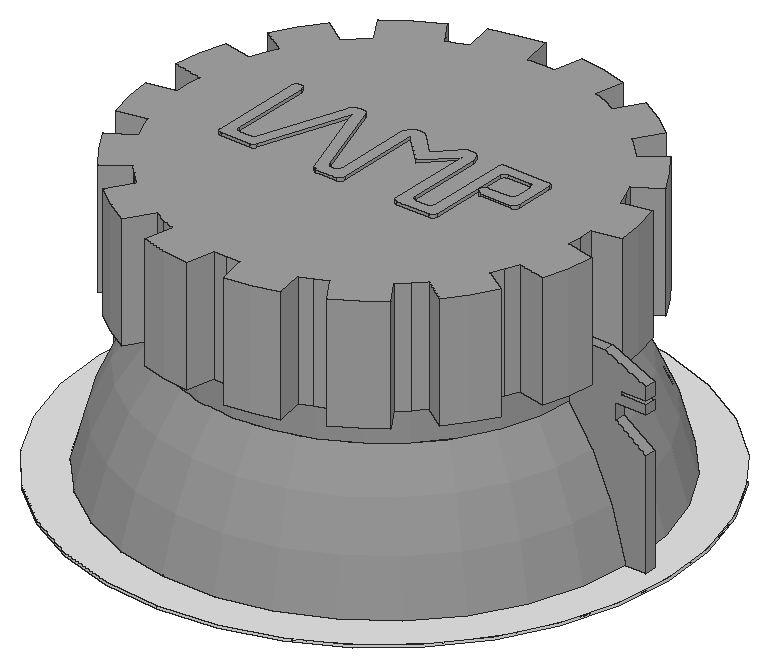
Revit family "LAMP_KOMBIC 200 RD DALI", category Luminarias, Revit 2018
Family settings
  Anfitrión = Techo
  Cota de conector redondo = Diámetro de uso
  Tipo de pieza = Normal
  Número OmniClass = 23.80.70.11
  Título OmniClass = Luminaries for Internal Lighting
  Siempre vertical = Sí
  Corte con vacíos al cargar = No
  Origen de luz = Sí
  Compartido = No
  Punto de cálculo de habitación = No
Parameters (values of type "1982LM 3000 MATT BLANCO")
  Ángulo de inclinación = 90.00°
  Without accessory [instance] = yes
  Weight = 0.976 kg
  Wattage = 18.1 W
  Type = "COB TRIDONIC"
  Transparent glass 860614X [instance] = and(Change accessory, not(Without accessory))  # no
  Recessed diameter = 209 mm
  built-in parameter 1150110 = 1 (stored number, unit not read)
  Protection rating = "IP2044"
  Product datasheet = "http://www.lamp.es/product-files/TECH/K31RD3040OP830DMW-EN.pdf"
  Product code = "K31RD3040OP830DMW"
  Product URL = "https://www.lamp.es/en/family/kombic-downlight_33313"
  Power Supply = "220-240V 50/60Hz"
  Power = 17 W
  Plum = 18.1 W
  Photobiological risk = "Group 0"
  Modelo = Product code  # "K31RD3040OP830DMW"
  Model explanation = "Availability of switching between accessories through visibility parameters when placed in a project."
  Material Reflector = LAMP_PC Reflector Kombic Metalizado Mate
  Material Disipador = LAMP_Aluminio Disipador Kombic
  Material Difusor = LAMP_PMMA Difusor Kombic
  Material Armazón GR = LAMP_PC Armazón Kombic GR
  Material Armazón BL = LAMP_PC Armazón Kombic BL
  Manufacturer name = "LAMP"
  Manufacturer country = "Spain"
  Manufacturer URL = "http://www.lamp.es/en"
  MacAdam = "3"
  Lámpara = "COB LED"
  Luminaire type = ""
  Last update = "22/02/2022"
  LED Lifetime = "50.000 L80 B10"
  Insulation class = "II"
  Installation instructions = "https://www.lamp.es/product-files/packed/INS/33315_Kombic_200.zip"
  IEE = "A+"
  Height = Altura exterior  # 106 mm
  Gear = "Electronic"
  Finish = "RAL9010"
  built-in parameter 1114217 = 1 (stored number, unit not read)
  built-in parameter 1150109 = 1 (stored number, unit not read)
  Fabricante = Manufacturer name  # "LAMP"
  Efficacy = 109.5 lm/W
  Diameter = 220 mm
  Diam. inferior interior = 188 mm
  Diam. exterior cuerpo = 167 mm
  Diam. inferior cuerpo = 220 mm
  Descripción = "KOMBIC 200 RD 3000 IP44 WW OPAL MA/WH"
  Decorative ring 920021X [instance] = and(not(Without accessory), not(Change accessory))  # no
  Comentarios de tipo = Model explanation  # "Availability of switching between accessories through visibility parameters when placed in a project."
  built-in parameter 1150134 = (empty or 0)
  built-in parameter 1150113 = 1 (stored number, unit not read)
  Lumens = 1981.95 lm
  built-in parameter 1150115 = 1 (stored number, unit not read)
  built-in parameter 1150105 = 157.72 (stored number, unit not read)
  built-in parameter 1150137 = (empty or 0)
  built-in parameter 1150139 = (empty or 0)
  built-in parameter 1150112 = 1 (stored number, unit not read)
  built-in parameter 1150114 = 1 (stored number, unit not read)
  built-in parameter 1150132 = 2
  built-in parameter 1150102 = (empty or 0)
  built-in parameter 1150138 = (empty or 0)
  built-in parameter 1150107 = 3000 (stored number, unit not read)
  built-in parameter 1150106 = 1.5772 (stored number, unit not read)
  built-in parameter 1150104 = 10.173 (stored number, unit not read)
  Change accessory [instance] = no
  Dimming Lamp Color Temperature Shift = (empty or 0)
  Color Filter = 16777215
  built-in parameter 1114218 = 1 (stored number, unit not read)
  CRI = "80"
  Archivo de red fotométrica = "K31RD3040OP830NMW.IES"
  Altura exterior = 106 mm
  Altura central = 62 mm
  built-in parameter 1150133 = 10 (stored number, unit not read)
Types (12, lengths in mm): name | Weight | Wattage | Type | Protection rating | Product datasheet | Product code | Power | Plum | Modelo | Material Reflector | Lámpara | LED Lifetime | Efficacy | Descripción | Lumens | built-in parameter 1150105 | built-in parameter 1150107 | built-in parameter 1150106 | built-in parameter 1150104 | Archivo de red fotométrica
  1982LM 3000 MATT BLANCO | 0.976 kg | 18.1 W | "COB TRIDONIC" | "IP2044" | "http://www.lamp.es/product-files/TECH/K31RD3040OP830DMW-EN.pdf" | "K31RD3040OP830DMW" | 17 W | 18.1 W | "K31RD3040OP830DMW" | LAMP_PC Reflector Kombic Metalizado Mate | "COB LED" | "50.000 L80 B10" | 109.5 lm/W | "KOMBIC 200 RD 3000 IP44 WW OPAL MA/WH" | 1981.95 lm | 157.72 (stored number, unit not read) | 3000 (stored number, unit not read) | 1.5772 (stored number, unit not read) | 10.173 (stored number, unit not read) | "K31RD3040OP830NMW.IES"
  2065LM 3000 BRIGHT BLANCO | 0.976 kg | 18.1 W | "MID POWER TRIDONIC" | "IP2044" | "http://www.lamp.es/product-files/TECH/K31RD3040OP830DRW-EN.pdf" | "K31RD3040OP830DRW" | 17 W | 18.1 W | "K31RD3040OP830DRW" | LAMP_PC Reflector Kombic Metalizado Brillante | "MID-POWER LED" | "50.000 L80 B10" | 114.1 lm/W | "KOMBIC 200 RD 3000 IP44 WW BR/WH" | 2065.21 lm | 164.34 (stored number, unit not read) | 3000 (stored number, unit not read) | 1.6434 (stored number, unit not read) | 10.6 (stored number, unit not read) | "K31RD3040OP830NRW.IES"
  2084LM 4000 MATT BLANCO | 0.976 kg | 18.1 W | "COB TRIDONIC" | "IP2044" | "http://www.lamp.es/product-files/TECH/K31RD3040OP840DMW-EN.pdf" | "K31RD3040OP840DMW" | 17 W | 18.1 W | "K31RD3040OP840DMW" | LAMP_PC Reflector Kombic Metalizado Mate | "COB LED" | "50.000 L80 B10" | 115.1 lm/W | "KOMBIC 200 RD 3000 IP44 NW MA/WH" | 2083.31 lm | 165.78 (stored number, unit not read) | 4000 (stored number, unit not read) | 1.6578 (stored number, unit not read) | 10.693 (stored number, unit not read) | "K31RD3040OP840NMW.IES"
  2171LM 4000 BRIGHT BLANCO | 0.976 kg | 18.1 W | "MID POWER TRIDONIC" | "IP2044" | "http://www.lamp.es/product-files/TECH/K31RD3040OP840dRW-EN.pdf" | "K31RD3040OP840DRW" | 17 W | 18.1 W | "K31RD3040OP840DRW" | LAMP_PC Reflector Kombic Metalizado Brillante | "MID-POWER LED" | "50.000 L80 B10" | 119.9 lm/W | "KOMBIC 200 RD 3000 IP44 NW BR/WH" | 2170.19 lm | 172.7 (stored number, unit not read) | 4000 (stored number, unit not read) | 1.727 (stored number, unit not read) | 11.139 (stored number, unit not read) | "K31RD3040OP840NRW.IES"
  2688LM 3000 MATT BLANCO | 0.976 kg | 25.4 W | "COB TRIDONIC" | "IP44" | "http://www.lamp.es/product-files/TECH/K31RD4040OP830DMW-EN.pdf" | "K31RD4040OP830DMW" | 24 W | 25.4 W | "K31RD4040OP830DMW" | LAMP_PC Reflector Kombic Metalizado Mate | "COB LED" | "50.000 L80 B10" | 105.8 lm/W | "KOMBIC 200 RD 4000 IP44 WW OPAL MA/WH" | 2687.32 lm | 213.85 (stored number, unit not read) | 3000 (stored number, unit not read) | 2.1385 (stored number, unit not read) | 9.8291 (stored number, unit not read) | "K31RD4040OP830NMW.IES"
  2800LM 3000 BRIGHT BLANCO | 0.976 kg | 25.4 W | "MID POWER TRIDONIC" | "IP44" | "http://www.lamp.es/product-files/TECH/K31RD4040OP830DRW-EN.pdf" | "K31RD4040OP830DRW" | 24 W | 25.4 W | "K31RD4040OP830DRW" | LAMP_PC Reflector Kombic Metalizado Brillante | "MID-POWER LED" | "50.000 L80 B10" | 110.2 lm/W | "KOMBIC 200 RD 4000 IP44 WW OPAL BR/WH" | 2799.08 lm | 222.74 (stored number, unit not read) | 3000 (stored number, unit not read) | 2.2274 (stored number, unit not read) | 10.238 (stored number, unit not read) | "K31RD4040OP830NRW.IES"
  2826LM 4000 MATT BLANCO | 0.976 kg | 25.4 W | "COB TRIDONIC" | "IP44" | "http://www.lamp.es/product-files/TECH/K31RD4040OP840DMW-EN.pdf" | "K31RD4040OP840DMW" | 24 W | 25.4 W | "K31RD4040OP840DMW" | LAMP_PC Reflector Kombic Metalizado Mate | "COB LED" | "50.000 L80 B10" | 111.3 lm/W | "KOMBIC 200 RD 4000 IP44 NW OPAL MA/WH" | 2827.02 lm | 224.97 (stored number, unit not read) | 4000 (stored number, unit not read) | 2.2497 (stored number, unit not read) | 10.34 (stored number, unit not read) | "K31RD4040OP840NMW.IES"
  2944LM 4000 BRIGHT BLANCO | 0.976 kg | 25.4 W | "MID POWER TRIDONIC" | "IP44" | "http://www.lamp.es/product-files/TECH/K31RD4040OP840DRW-EN.pdf" | "K31RD4040OP840DRW" | 24 W | 25.4 W | "K31RD4040OP840DRW" | LAMP_PC Reflector Kombic Metalizado Brillante | "MID-POWER LED" | "50.000 L80 B10" | 115.9 lm/W | "KOMBIC 200 RD 4000 IP44 NW OPAL BR/WH" | 2943.86 lm | 234.26 (stored number, unit not read) | 4000 (stored number, unit not read) | 2.3426 (stored number, unit not read) | 10.767 (stored number, unit not read) | "K31RD4040OP840NRW.IES"
  3576LM 3000 MATT BLANCO | 1.536 kg | 38.1 W | "COB PHILIPS" | "IP44" | "http://www.lamp.es/product-files/TECH/K31RD5040OP830DMW-EN.pdf" | "K31RD5040OP830DMW" | 36 W | 38.1 W | "K31RD5040OP830DMW" | LAMP_PC Reflector Kombic Metalizado Mate | "COB LED" | "50.000 L70 B10" | 93.9 lm/W | "KOMBIC 200 RD 5000 IP44 WW OPAL MA/WH" | 3577.59 lm | 284.7 (stored number, unit not read) | 3000 (stored number, unit not read) | 2.847 (stored number, unit not read) | 8.7236 (stored number, unit not read) | "K31RD5040OP830NMW.IES"
  3735LM 3000 BRIGHT BLANCO | 1.536 kg | 38.1 W | "COB PHILIPS" | "IP44" | "http://www.lamp.es/product-files/TECH/K31RD5040OP830DRW-EN.pdf" | "K31RD5040OP830DRW" | 36 W | 38.1 W | "K31RD5040OP830DRW" | LAMP_PC Reflector Kombic Metalizado Brillante | "COB LED" | "50.000 L70 B10" | 98 lm/W | "KOMBIC 200 RD 5000 IP44 WW OPAL BR/WH" | 3733.8 lm | 297.13 (stored number, unit not read) | 3000 (stored number, unit not read) | 2.9713 (stored number, unit not read) | 9.1045 (stored number, unit not read) | "K31RD5040OP830NRW.IES"
  3845LM 4000 MATT BLANCO | 1.536 kg | 38.1 W | "COB PHILIPS" | "IP44" | "http://www.lamp.es/product-files/TECH/K31RD5040OP840DMW-EN.pdf" | "K31RD5040OP840DMW" | 36 W | 38.1 W | "K31RD5040OP840DMW" | LAMP_PC Reflector Kombic Metalizado Mate | "COB LED" | "50.000 L70 B10" | 100.9 lm/W | "KOMBIC 200 RD 5000 IP44 NW OPAL MA/WH" | 3844.29 lm | 305.92 (stored number, unit not read) | 4000 (stored number, unit not read) | 3.0592 (stored number, unit not read) | 9.3739 (stored number, unit not read) | "K31RD5040OP840NMW.IES"
  4016LM 4000 BRIGHT BLANCO | 1.536 kg | 38.1 W | "COB PHILIPS" | "IP44" | "http://www.lamp.es/product-files/TECH/K31RD5040OP840DRW-EN.pdf" | "K31RD5040OP840DRW" | 36 W | 38.1 W | "K31RD5040OP840DRW" | LAMP_PC Reflector Kombic Metalizado Brillante | "COB LED" | "50.000 L70 B10" | 105.4 lm/W | "KOMBIC 200 RD 5000 IP44 NW OPAL BR/WH" | 4015.74 lm | 319.56 (stored number, unit not read) | 4000 (stored number, unit not read) | 3.1956 (stored number, unit not read) | 9.792 (stored number, unit not read) | "K31RD5040OP840NRW.IES"
Reference planes
  plane 1 "Eje de origen de luz (F/P)": y = 0
  plane 2: z = 0
  plane 3 "Eje de origen de luz (I/D)": x = 0
  plane 4 "Techo": z = 4000
  plane 5 "Elevación de origen de luz": z = 4000
  plane 6: x = -83.5
  plane 7: x = 83.5
  plane 8: x = -110
  plane 9: x = 110
  plane 10: z = 4106
  plane 11: x = -94
  plane 12: x = 94
  plane 13: z = 4062
Forms (mm)
  Revolve 1, solid, material "LAMP_PC Armazón Kombic GR" <- "Material Armazón GR"
    sketch origin (0, 0, 0) x (1, 0, 0) y (0, 0, 1)
      loop
        line (-72, 4049) -> (-72, 4062) -> (-73, 4062) -> (-73, 4049)
        spline (-73, 4049) -> (-75.501, 4045.862) -> (-77.88, 4042.551) -> (-80.138, 4039.069) -> (-82.275, 4035.416) -> (-84.29, 4031.59) -> (-86.184, 4027.593) -> (-87.957, 4023.423) -> (-89.608, 4019.082) -> (-91.138, 4014.569) -> (-92.547, 4009.885) -> (-93.834, 4005.028) -> (-95, 4000)
        line (-95, 4000) -> (-94, 4000)
        spline (-94, 4000) -> (-92.834, 4005.028) -> (-91.547, 4009.885) -> (-90.138, 4014.569) -> (-88.608, 4019.082) -> (-86.957, 4023.423) -> (-85.184, 4027.593) -> (-83.29, 4031.59) -> (-81.275, 4035.416) -> (-79.138, 4039.069) -> (-76.88, 4042.551) -> (-74.501, 4045.862) -> (-72, 4049)
      axis (0, 4000) -> (0, 4062)
    angle from 0 to 360
  Extrusion 2, solid, material "LAMP_Aluminio Disipador Kombic" <- "Material Disipador"
    sketch origin (0, 0, 4000) x (0, 1, 0) y (-1, 0, 0)
      loop
        arc (26.177, 82.235) -> (16.747, 84.685) -> (7.101, 86.059) r 86.568
        line (7.101, 86.059) -> (4.972, 75.435)
        arc (4.972, 75.435) -> (2.36, 75.57) -> (-0.256, 75.616) r 75.811
        arc (-0.256, 75.616) -> (-2.881, 75.571) -> (-5.504, 75.435) r 75.811
        line (-5.504, 75.435) -> (-7.633, 86.059)
        arc (-7.633, 86.059) -> (-17.279, 84.685) -> (-26.709, 82.235) r 86.568
        line (-26.709, 82.235) -> (-24.58, 71.611)
        arc (-24.58, 71.611) -> (-26.978, 70.754) -> (-29.346, 69.817) r 75.811
        arc (-29.346, 69.817) -> (-31.681, 68.8) -> (-33.981, 67.706) r 75.811
        line (-33.981, 67.706) -> (-40.005, 76.713)
        arc (-40.005, 76.713) -> (-48.396, 71.76) -> (-56.176, 65.896) r 86.568
        line (-56.176, 65.896) -> (-50.152, 56.89)
        arc (-50.152, 56.89) -> (-52.092, 55.134) -> (-53.97, 53.314) r 75.811
        arc (-53.97, 53.314) -> (-55.791, 51.436) -> (-57.546, 49.496) r 75.811
        line (-57.546, 49.496) -> (-66.552, 55.52)
        arc (-66.552, 55.52) -> (-72.416, 47.739) -> (-77.369, 39.349) r 86.568
        line (-77.369, 39.349) -> (-68.362, 33.325)
        arc (-68.362, 33.325) -> (-69.457, 31.025) -> (-70.473, 28.69) r 75.811
        arc (-70.473, 28.69) -> (-71.41, 26.322) -> (-72.267, 23.923) r 75.811
        line (-72.267, 23.923) -> (-82.892, 26.053)
        arc (-82.892, 26.053) -> (-85.341, 16.623) -> (-86.715, 6.977) r 86.568
        line (-86.715, 6.977) -> (-76.091, 4.847)
        arc (-76.091, 4.847) -> (-76.223, 2.328) -> (-76.272, -0.195) r 75.811
        arc (-76.272, -0.195) -> (-76.223, -2.718) -> (-76.091, -5.238) r 75.811
        line (-76.091, -5.238) -> (-86.715, -7.367)
        arc (-86.715, -7.367) -> (-85.341, -17.013) -> (-82.892, -26.443) r 86.568
        line (-82.892, -26.443) -> (-72.267, -24.314)
        arc (-72.267, -24.314) -> (-71.41, -26.712) -> (-70.473, -29.08) r 75.811
        arc (-70.473, -29.08) -> (-69.457, -31.415) -> (-68.362, -33.715) r 75.811
        line (-68.362, -33.715) -> (-77.369, -39.739)
        arc (-77.369, -39.739) -> (-72.416, -48.13) -> (-66.552, -55.911) r 86.568
        line (-66.552, -55.911) -> (-57.546, -49.886)
        arc (-57.546, -49.886) -> (-55.791, -51.826) -> (-53.97, -53.704) r 75.811
        arc (-53.97, -53.704) -> (-52.092, -55.525) -> (-50.152, -57.28) r 75.811
        line (-50.152, -57.28) -> (-56.176, -66.286)
        arc (-56.176, -66.286) -> (-48.396, -72.15) -> (-40.005, -77.103) r 86.568
        line (-40.005, -77.103) -> (-33.981, -68.097)
        arc (-33.981, -68.097) -> (-31.681, -69.191) -> (-29.346, -70.207) r 75.811
        arc (-29.346, -70.207) -> (-26.978, -71.144) -> (-24.58, -72.002) r 75.811
        line (-24.58, -72.002) -> (-26.709, -82.626)
        arc (-26.709, -82.626) -> (-17.279, -85.075) -> (-7.633, -86.449) r 86.568
        line (-7.633, -86.449) -> (-5.504, -75.825)
        arc (-5.504, -75.825) -> (-2.881, -75.961) -> (-0.256, -76.006) r 75.811
        arc (-0.256, -76.006) -> (2.36, -75.961) -> (4.972, -75.825) r 75.811
        line (4.972, -75.825) -> (7.101, -86.449)
        arc (7.101, -86.449) -> (16.747, -85.075) -> (26.177, -82.626) r 86.568
        line (26.177, -82.626) -> (24.048, -72.002)
        arc (24.048, -72.002) -> (26.446, -71.144) -> (28.814, -70.207) r 75.811
        arc (28.814, -70.207) -> (31.149, -69.191) -> (33.449, -68.097) r 75.811
        line (33.449, -68.097) -> (39.474, -77.103)
        arc (39.474, -77.103) -> (47.864, -72.15) -> (55.645, -66.286) r 86.568
        line (55.645, -66.286) -> (49.62, -57.28)
        arc (49.62, -57.28) -> (51.56, -55.525) -> (53.438, -53.704) r 75.811
        arc (53.438, -53.704) -> (55.259, -51.826) -> (57.014, -49.886) r 75.811
        line (57.014, -49.886) -> (66.021, -55.911)
        arc (66.021, -55.911) -> (71.885, -48.13) -> (76.837, -39.739) r 86.568
        line (76.837, -39.739) -> (67.831, -33.715)
        arc (67.831, -33.715) -> (68.925, -31.415) -> (69.941, -29.08) r 75.811
        arc (69.941, -29.08) -> (70.878, -26.712) -> (71.736, -24.314) r 75.811
        line (71.736, -24.314) -> (82.36, -26.443)
        arc (82.36, -26.443) -> (84.809, -17.013) -> (86.183, -7.367) r 86.568
        line (86.183, -7.367) -> (75.559, -5.238)
        arc (75.559, -5.238) -> (75.692, -2.718) -> (75.74, -0.195) r 75.811
        arc (75.74, -0.195) -> (75.692, 2.328) -> (75.559, 4.847) r 75.811
        line (75.559, 4.847) -> (86.626, 7.066)
        arc (86.626, 7.066) -> (85.118, 16.692) -> (82.538, 26.088) r 86.568
        line (82.538, 26.088) -> (71.736, 23.923)
        arc (71.736, 23.923) -> (70.878, 26.322) -> (69.941, 28.69) r 75.811
        arc (69.941, 28.69) -> (69.311, 30.163) -> (68.649, 31.623) r 75.811
        line (68.649, 31.623) -> (77.684, 37.666)
        arc (77.684, 37.666) -> (72.404, 46.954) -> (66.021, 55.52) r 86.568
        line (66.021, 55.52) -> (57.014, 49.496)
        arc (57.014, 49.496) -> (55.259, 51.436) -> (53.438, 53.314) r 75.811
        arc (53.438, 53.314) -> (51.56, 55.134) -> (49.62, 56.89) r 75.811
        line (49.62, 56.89) -> (55.645, 65.896)
        arc (55.645, 65.896) -> (47.864, 71.76) -> (39.474, 76.713) r 86.568
        line (39.474, 76.713) -> (33.449, 67.706)
        arc (33.449, 67.706) -> (31.149, 68.8) -> (28.814, 69.817) r 75.811
        arc (28.814, 69.817) -> (26.446, 70.754) -> (24.048, 71.611) r 75.811
        line (24.048, 71.611) -> (26.177, 82.235)
    from 62 to 106
  Extrusion 3, solid, material "LAMP_PC Armazón Kombic BL" <- "Material Armazón BL"
    sketch origin (0, 0, 4000) x (0, 1, 0) y (-1, 0, 0)
      loop
        circle (0, 0) r 110
      loop
        circle (0, 0) r 94
    from 0 to -1
  Revolve 4, solid, material "LAMP_PC Reflector Kombic Metalizado Mate" <- "Material Reflector"
    sketch origin (0, 0, 0) x (1, 0, 0) y (0, 0, 1)
      loop
        line (-62.5, 4049) -> (-63.5, 4049) -> (-95, 4000) -> (-94, 4000) -> (-62.5, 4049)
      axis (0, 4000) -> (0, 4049)
    angle from 0 to 360
  Extrusion 5, solid, material "LAMP_PMMA Difusor Kombic" <- "Material Difusor"
    sketch origin (0, 0, 4000) x (0, 1, 0) y (-1, 0, 0)
      loop
        circle (0, 0) r 63.5
    from 49 to 50
  Extrusion 6, solid, material "LAMP_PC Armazón Kombic GR" <- "Material Armazón GR"
    sketch origin (0, 0, 0) x (1, 0, 0) y (0, 0, 1)
      loop
        spline (-95, 4000) -> (-93.834, 4005.028) -> (-92.547, 4009.885) -> (-91.138, 4014.569) -> (-89.608, 4019.082) -> (-87.957, 4023.423) -> (-86.184, 4027.593) -> (-84.29, 4031.59) -> (-82.275, 4035.416) -> (-80.138, 4039.069) -> (-77.88, 4042.551) -> (-75.501, 4045.862) -> (-73, 4049)
        line (-73, 4049) -> (-73, 4071.68) -> (-86.812, 4071.68) -> (-102.735, 4064.402) -> (-102.735, 4059.601) -> (-93.235, 4059.601) -> (-93.235, 4058.301) -> (-102.735, 4058.301) -> (-102.735, 4054.792) -> (-91.033, 4054.792) -> (-91.033, 4048.875) -> (-102.735, 4040.624) -> (-102.735, 4000) -> (-95, 4000)
    from -2 to 2
  Extrusion 7, solid, material "LAMP_PC Armazón Kombic GR" <- "Material Armazón GR"
    sketch origin (0, 0, 0) x (-1, 0, 0) y (0, 0, -1)
      loop
        line (-95, -4000) -> (-102.735, -4000) -> (-102.735, -4040.624) -> (-91.033, -4048.875) -> (-91.033, -4054.792) -> (-102.735, -4054.792) -> (-102.735, -4058.301) -> (-93.235, -4058.301) -> (-93.235, -4059.601) -> (-102.735, -4059.601) -> (-102.735, -4064.402) -> (-86.812, -4071.68) -> (-73, -4071.68) -> (-73, -4049)
        spline (-73, -4049) -> (-75.501, -4045.862) -> (-77.88, -4042.551) -> (-80.138, -4039.069) -> (-82.275, -4035.416) -> (-84.29, -4031.59) -> (-86.184, -4027.593) -> (-87.957, -4023.423) -> (-89.608, -4019.082) -> (-91.138, -4014.569) -> (-92.547, -4009.885) -> (-93.834, -4005.028) -> (-95, -4000)
    from -2 to 2
  Extrusion 8, solid, material "LAMP_Aluminio Disipador Kombic" <- "Material Disipador"
    sketch origin (0, 0, 4000) x (0, 1, 0) y (-1, 0, 0)
      loop
        arc (-17.07, 49.616) -> (-18.349, 49.086) -> (-18.878, 47.807) r 1.808
        line (-18.878, 47.807) -> (-18.878, 36.794)
        arc (-18.878, 36.794) -> (-18.529, 35.702) -> (-17.61, 35.017) r 1.88
        line (-17.61, 35.017) -> (14.401, 24.002) -> (-17.435, 13.048)
        arc (-17.435, 13.048) -> (-18.297, 12.404) -> (-18.625, 11.38) r 1.764
        line (-18.625, 11.38) -> (-18.625, 3.447)
        arc (-18.625, 3.447) -> (-18.108, 2.197) -> (-16.858, 1.68) r 1.768
        line (-16.858, 1.68) -> (14.603, 1.68) -> (4.643, -8.28) -> (14.603, -18.24) -> (-17.162, -18.24)
        arc (-17.162, -18.24) -> (-18.376, -18.743) -> (-18.878, -19.956) r 1.717
        line (-18.878, -19.956) -> (-18.878, -32.273)
        arc (-18.878, -32.273) -> (-18.334, -33.587) -> (-17.02, -34.131) r 1.858
        line (-17.02, -34.131) -> (13.062, -34.131)
        arc (13.062, -34.131) -> (14.332, -34.657) -> (14.858, -35.927) r 1.796
        line (14.858, -35.927) -> (14.858, -44.282)
        arc (14.858, -44.282) -> (14.316, -45.589) -> (13.008, -46.131) r 1.849
        line (13.008, -46.131) -> (6.695, -46.131)
        arc (6.695, -46.131) -> (5.396, -45.593) -> (4.858, -44.293) r 1.838
        line (4.858, -44.293) -> (4.858, -36.6)
        arc (4.858, -36.6) -> (2.858, -34.6) -> (0.858, -36.6) r 2
        line (0.858, -36.6) -> (0.858, -48.338)
        arc (0.858, -48.338) -> (1.383, -49.606) -> (2.651, -50.131) r 1.793
        line (2.651, -50.131) -> (16.976, -50.131)
        arc (16.976, -50.131) -> (18.306, -49.58) -> (18.858, -48.249) r 1.882
        line (18.858, -48.249) -> (18.858, -31.989)
        arc (18.858, -31.989) -> (18.313, -30.675) -> (16.999, -30.131) r 1.858
        line (16.999, -30.131) -> (-13.071, -30.131)
        arc (-13.071, -30.131) -> (-14.385, -29.587) -> (-14.93, -28.272) r 1.859
        line (-14.93, -28.272) -> (-14.93, -24.158)
        arc (-14.93, -24.158) -> (-14.388, -22.851) -> (-13.081, -22.309) r 1.849
        line (-13.081, -22.309) -> (15.175, -22.309)
        arc (15.175, -22.309) -> (19.208, -19.408) -> (17.738, -14.662) r 4.253
        line (17.738, -14.662) -> (11.356, -8.28) -> (17.738, -1.898)
        arc (17.738, -1.898) -> (19.208, 2.848) -> (15.175, 5.749) r 4.253
        line (15.175, 5.749) -> (-12.629, 5.749)
        arc (-12.629, 5.749) -> (-14.893, 7.666) -> (-13.376, 10.214) r 2.295
        line (-13.376, 10.214) -> (16.302, 20.421)
        arc (16.302, 20.421) -> (18.858, 24.002) -> (16.302, 27.584) r 3.788
        line (16.302, 27.584) -> (-13.672, 37.892)
        arc (-13.672, 37.892) -> (-14.583, 38.572) -> (-14.93, 39.655) r 1.864
        line (-14.93, 39.655) -> (-14.93, 43.839)
        arc (-14.93, 43.839) -> (-14.409, 45.095) -> (-13.153, 45.616) r 1.777
        line (-13.153, 45.616) -> (17.07, 45.616)
        arc (17.07, 45.616) -> (19.07, 47.616) -> (17.07, 49.616) r 2
        line (17.07, 49.616) -> (-17.07, 49.616)
    from 107 to 106
  Revolve 9, void
    sketch origin (0, 0, 0) x (1, 0, 0) y (0, 0, 1)
      loop
        line (95, 4000) -> (63.5, 4049) -> (63.5, 4050) -> (0, 4050) -> (0, 3999) -> (95, 3999) -> (95, 4000)
      axis (0, 3999) -> (0, 4050)
    angle from 0 to 360
Cuts and joins
  Revolve 9 cuts Revolve 1
  Revolve 9 cuts Extrusion 3
Text (mm)
  text "Any modification of the parameters and properties of the LAMP BIM models must be executed and validated by the LAMP technical department.\nPhone: +34 93 736 68 00\nE-mail: lamp@lamp.es\n\nLAMP reserves the right to modify the technical specifications of its products." at (304.005, 3121.545, 3275.502), in view "Preview"
Dimensions and locks
  equal spacing: host sketch curve, plane 3 "Eje de origen de luz (I/D)", host sketch curve
  equal spacing: host sketch curve, plane 1 "Eje de origen de luz (F/P)", host sketch curve
  host sketch curve to host sketch curve = 4000 mm  (x2)
  locked: plane 4 "Techo" to host ceiling at 0
  equal spacing: plane 6, plane 3 "Eje de origen de luz (I/D)", plane 7, locked at 83.5 each
  "Diam. exterior cuerpo": plane 6 to plane 7
  equal spacing: plane 8, plane 3 "Eje de origen de luz (I/D)", plane 9, locked at 110 each
  "Diam. inferior cuerpo": plane 8 to plane 9
  "Altura exterior": plane 4 "Techo" to plane 10
  equal spacing: plane 11, plane 3 "Eje de origen de luz (I/D)", plane 12
  "Diam. inferior interior": plane 11 to plane 12
  "Altura central": plane 4 "Techo" to plane 13
  aligned and locked: plane 3 "Eje de origen de luz (I/D)" to imposter light
  aligned and locked: plane 1 "Eje de origen de luz (F/P)" to imposter light
  aligned and locked: plane 5 "Elevación de origen de luz" to imposter light
  aligned and locked: plane 3 "Eje de origen de luz (I/D)" to Revolve 1 sketch curve
  aligned and locked: plane 10 to Extrusion 2
  aligned and locked: Extrusion 2 to plane 13
  aligned and locked: plane 4 "Techo" to Revolve 1
  aligned and locked: plane 3 "Eje de origen de luz (I/D)" to Revolve 4 sketch curve
  aligned and locked: Extrusion 7 to Extrusion 3
  aligned and locked: plane 4 "Techo" to Extrusion 6
  aligned and locked: Extrusion 8 to plane 10
  aligned and locked: Extrusion 8 to Extrusion 2
  aligned and locked: imposter light to plane 4 "Techo"
  aligned and locked: nested 1 to Revolve 4
  aligned and locked: nested 2 to Revolve 4
Automatic sketch dimensions
  Revolve 1 sketch curve to plane 4 "Techo" = 0 mm
  Revolve 1 sketch curve to plane 11 = 0 mm
  Revolve 1 sketch curve to plane 13 = 0 mm
  Revolve 1 sketch curve to plane 11 = 1 mm
  plane 6 to Revolve 1 sketch curve = 10.5 mm
  Revolve 1 sketch curve to Revolve 1 sketch curve = 1 mm
  Revolve 1 sketch curve to Revolve 1 sketch curve = 13 mm
  Revolve 1 sketch curve to Revolve 1 sketch curve = 0 mm
  Revolve 1 sketch curve to level = 358.228 mm
  plane 10 to Revolve 1 sketch curve = 256.185 mm
  Extrusion 2 sketch curve to Extrusion 2 sketch curve = 0 mm  (x665)
  Extrusion 2 sketch curve to plane 3 "Eje de origen de luz (I/D)" = 0 mm  (x2)
  Extrusion 2 sketch curve to plane 3 "Eje de origen de luz (I/D)" = 6.977 mm
  plane 1 "Eje de origen de luz (F/P)" to Extrusion 2 sketch curve = 86.715 mm
  plane 3 "Eje de origen de luz (I/D)" to Extrusion 2 sketch curve = 7.367 mm  (x2)
  plane 3 "Eje de origen de luz (I/D)" to Extrusion 2 sketch curve = 26.443 mm  (x2)
  Extrusion 2 sketch curve to Extrusion 2 sketch curve = 3.823 mm  (x3)
  Extrusion 2 sketch curve to plane 3 "Eje de origen de luz (I/D)" = 26.053 mm
  Extrusion 2 sketch curve to Extrusion 2 sketch curve = 5.523 mm  (x2)
  Extrusion 2 sketch curve to plane 3 "Eje de origen de luz (I/D)" = 4.847 mm  (x2)
  Extrusion 2 sketch curve to Extrusion 2 sketch curve = 10.624 mm  (x4)
  plane 3 "Eje de origen de luz (I/D)" to Extrusion 2 sketch curve = 5.238 mm  (x2)
  plane 3 "Eje de origen de luz (I/D)" to Extrusion 2 sketch curve = 24.314 mm  (x2)
  Extrusion 2 sketch curve to plane 3 "Eje de origen de luz (I/D)" = 23.923 mm  (x2)
  plane 3 "Eje de origen de luz (I/D)" to Extrusion 2 sketch curve = 33.715 mm  (x2)
  Extrusion 2 sketch curve to plane 3 "Eje de origen de luz (I/D)" = 33.325 mm
  Extrusion 2 sketch curve to Extrusion 2 sketch curve = 3.905 mm
  plane 6 to Extrusion 2 sketch curve = 27.98 mm  (x2)
  Extrusion 2 sketch curve to Extrusion 2 sketch curve = 10.817 mm  (x3)
  plane 7 to Extrusion 2 sketch curve = 27.589 mm  (x2)
  Extrusion 2 sketch curve to Extrusion 2 sketch curve = 9.007 mm  (x5)
  plane 7 to Extrusion 2 sketch curve = 17.214 mm  (x2)
  Extrusion 2 sketch curve to Extrusion 2 sketch curve = 10.376 mm  (x2)
  plane 6 to Extrusion 2 sketch curve = 17.604 mm  (x2)
  plane 6 to Extrusion 2 sketch curve = 26.61 mm  (x2)
  Extrusion 2 sketch curve to Extrusion 2 sketch curve = 7.394 mm  (x7)
  plane 7 to Extrusion 2 sketch curve = 26.22 mm
  plane 7 to Extrusion 2 sketch curve = 6.397 mm  (x2)
  Extrusion 2 sketch curve to Extrusion 2 sketch curve = 16.171 mm  (x4)
  plane 6 to Extrusion 2 sketch curve = 6.787 mm  (x2)
  plane 6 to Extrusion 2 sketch curve = 15.794 mm  (x2)
  Extrusion 2 sketch curve to Extrusion 2 sketch curve = 6.024 mm  (x4)
  plane 7 to Extrusion 2 sketch curve = 15.403 mm  (x2)
  plane 6 to Extrusion 2 sketch curve = 1.265 mm  (x2)
  Extrusion 2 sketch curve to Extrusion 2 sketch curve = 13.296 mm  (x2)
  plane 7 to Extrusion 2 sketch curve = 0.874 mm  (x2)
  plane 7 to Extrusion 2 sketch curve = 11.498 mm  (x2)
  plane 6 to Extrusion 2 sketch curve = 11.889 mm  (x2)
  Extrusion 2 sketch curve to plane 7 = 2.949 mm  (x2)
  Extrusion 2 sketch curve to plane 6 = 2.559 mm  (x2)
  plane 1 "Eje de origen de luz (F/P)" to Extrusion 2 sketch curve = 5.504 mm  (x2)
  plane 1 "Eje de origen de luz (F/P)" to Extrusion 2 sketch curve = 0.071 mm  (x2)
  Extrusion 2 sketch curve to plane 1 "Eje de origen de luz (F/P)" = 0.483 mm
  Extrusion 2 sketch curve to plane 1 "Eje de origen de luz (F/P)" = 4.972 mm  (x2)
  Extrusion 2 sketch curve to plane 1 "Eje de origen de luz (F/P)" = 7.101 mm  (x2)
  Extrusion 2 sketch curve to Extrusion 2 sketch curve = 19.076 mm  (x2)
  plane 6 to Extrusion 2 sketch curve = 34.004 mm
  Extrusion 2 sketch curve to plane 3 "Eje de origen de luz (I/D)" = 31.623 mm
  Extrusion 2 sketch curve to Extrusion 2 sketch curve = 11.635 mm
  Extrusion 2 sketch curve to Extrusion 2 sketch curve = 3.086 mm
  plane 3 "Eje de origen de luz (I/D)" to Extrusion 2 sketch curve = 39.739 mm
  Extrusion 2 sketch curve to plane 3 "Eje de origen de luz (I/D)" = 37.666 mm
  Extrusion 2 sketch curve to plane 3 "Eje de origen de luz (I/D)" = 26.088 mm
  Extrusion 2 sketch curve to Extrusion 2 sketch curve = 10.802 mm
  Extrusion 2 sketch curve to plane 3 "Eje de origen de luz (I/D)" = 7.066 mm
  Extrusion 2 sketch curve to Extrusion 2 sketch curve = 11.067 mm
  plane 7 to Extrusion 2 sketch curve = 7.675 mm
  plane 6 to Extrusion 2 sketch curve = 8.065 mm
  Extrusion 2 sketch curve to Extrusion 2 sketch curve = 1.794 mm  (x2)
  Extrusion 2 sketch curve to Extrusion 2 sketch curve = 2.11 mm
  Extrusion 2 sketch curve to Extrusion 2 sketch curve = 4.635 mm  (x4)
  plane 1 "Eje de origen de luz (F/P)" to Extrusion 2 sketch curve = 0.256 mm  (x2)
  Extrusion 2 sketch curve to Extrusion 2 sketch curve = 1.292 mm
  Extrusion 3 sketch curve to Extrusion 3 sketch curve = 0 mm  (x2)
  plane 1 "Eje de origen de luz (F/P)" to Extrusion 3 sketch curve = 0 mm
  Extrusion 3 sketch curve to plane 3 "Eje de origen de luz (I/D)" = 0 mm
  Revolve 4 sketch curve to plane 4 "Techo" = 0 mm
  Revolve 4 sketch curve to plane 11 = 0 mm
  Revolve 4 sketch curve to Revolve 4 sketch curve = 1 mm  (x2)
  plane 6 to Revolve 4 sketch curve = 20 mm
  Revolve 4 sketch curve to plane 13 = 13 mm
  Revolve 4 sketch curve to level = 358.228 mm
  plane 10 to Revolve 4 sketch curve = 256.185 mm
  plane 1 "Eje de origen de luz (F/P)" to Extrusion 5 sketch curve = 0 mm
  Extrusion 5 sketch curve to plane 3 "Eje de origen de luz (I/D)" = 0 mm
  Extrusion 6 sketch curve to plane 4 "Techo" = 0 mm
  plane 8 to Extrusion 6 sketch curve = 7.265 mm  (x2)
  plane 13 to Extrusion 6 sketch curve = 2.402 mm
  Extrusion 6 sketch curve to Extrusion 6 sketch curve = 0 mm
  Extrusion 6 sketch curve to plane 11 = 1 mm
  plane 11 to Extrusion 6 sketch curve = 0.765 mm
  plane 11 to Extrusion 6 sketch curve = 2.967 mm
  Extrusion 6 sketch curve to plane 6 = 3.312 mm
  plane 6 to Extrusion 6 sketch curve = 10.5 mm
  Extrusion 6 sketch curve to plane 13 = 21.376 mm
  Extrusion 6 sketch curve to plane 13 = 13.125 mm
  Extrusion 6 sketch curve to plane 13 = 13 mm
  Extrusion 6 sketch curve to Extrusion 6 sketch curve = 5.917 mm
  Extrusion 6 sketch curve to Extrusion 6 sketch curve = 3.509 mm
  Extrusion 6 sketch curve to Extrusion 6 sketch curve = 1.3 mm
  plane 13 to Extrusion 6 sketch curve = 9.68 mm
  Extrusion 7 sketch curve to plane 4 "Techo" = 0 mm
  Extrusion 7 sketch curve to plane 9 = 7.265 mm  (x2)
  Extrusion 7 sketch curve to plane 13 = 2.402 mm
  Extrusion 7 sketch curve to Extrusion 7 sketch curve = 0 mm
  plane 12 to Extrusion 7 sketch curve = 1 mm
  Extrusion 7 sketch curve to plane 12 = 0.765 mm
  Extrusion 7 sketch curve to plane 12 = 2.967 mm
  plane 7 to Extrusion 7 sketch curve = 3.312 mm
  Extrusion 7 sketch curve to plane 7 = 10.5 mm
  plane 13 to Extrusion 7 sketch curve = 21.376 mm
  plane 13 to Extrusion 7 sketch curve = 13.125 mm
  plane 13 to Extrusion 7 sketch curve = 13 mm
  Extrusion 7 sketch curve to Extrusion 7 sketch curve = 5.917 mm
  Extrusion 7 sketch curve to Extrusion 7 sketch curve = 3.509 mm
  Extrusion 7 sketch curve to Extrusion 7 sketch curve = 1.3 mm
  Extrusion 7 sketch curve to plane 13 = 9.68 mm
  plane 1 "Eje de origen de luz (F/P)" to Extrusion 8 sketch curve = 18.878 mm  (x2)
  Extrusion 8 sketch curve to plane 3 "Eje de origen de luz (I/D)" = 3.447 mm
  plane 1 "Eje de origen de luz (F/P)" to Extrusion 8 sketch curve = 18.625 mm
  Extrusion 8 sketch curve to Extrusion 8 sketch curve = 1.268 mm
  Extrusion 8 sketch curve to Extrusion 8 sketch curve = 1.19 mm
  Extrusion 8 sketch curve to Extrusion 8 sketch curve = 1.717 mm
  Extrusion 8 sketch curve to Extrusion 8 sketch curve = 1.808 mm
  Extrusion 8 sketch curve to Extrusion 8 sketch curve = 1.858 mm
  Extrusion 8 sketch curve to Extrusion 8 sketch curve = 1.88 mm
  Extrusion 8 sketch curve to Extrusion 8 sketch curve = 0.574 mm
  Extrusion 8 sketch curve to plane 3 "Eje de origen de luz (I/D)" = 1.68 mm
  Extrusion 8 sketch curve to Extrusion 8 sketch curve = 2.232 mm
  Extrusion 8 sketch curve to Extrusion 8 sketch curve = 2.14 mm
  Extrusion 8 sketch curve to Extrusion 8 sketch curve = 1.258 mm
  Extrusion 8 sketch curve to Extrusion 8 sketch curve = 3.485 mm
  Extrusion 8 sketch curve to Extrusion 8 sketch curve = 1.777 mm
  Extrusion 8 sketch curve to Extrusion 8 sketch curve = 1.849 mm  (x2)
  Extrusion 8 sketch curve to Extrusion 8 sketch curve = 1.859 mm
  Extrusion 8 sketch curve to Extrusion 8 sketch curve = 1.864 mm
  Extrusion 8 sketch curve to Extrusion 8 sketch curve = 0.746 mm
  Extrusion 8 sketch curve to plane 1 "Eje de origen de luz (F/P)" = 0.858 mm
  Extrusion 8 sketch curve to Extrusion 8 sketch curve = 1.793 mm
  Extrusion 8 sketch curve to Extrusion 8 sketch curve = 2 mm  (x2)
  Extrusion 8 sketch curve to plane 1 "Eje de origen de luz (F/P)" = 4.643 mm
  Extrusion 8 sketch curve to Extrusion 8 sketch curve = 1.838 mm
  Extrusion 8 sketch curve to Extrusion 8 sketch curve = 6.713 mm
  Extrusion 8 sketch curve to Extrusion 8 sketch curve = 6.313 mm
  Extrusion 8 sketch curve to Extrusion 8 sketch curve = 8.204 mm
  Extrusion 8 sketch curve to plane 1 "Eje de origen de luz (F/P)" = 14.401 mm
  Extrusion 8 sketch curve to Extrusion 8 sketch curve = 3.246 mm  (x2)
  Extrusion 8 sketch curve to Extrusion 8 sketch curve = 0.669 mm
  Extrusion 8 sketch curve to Extrusion 8 sketch curve = 0.572 mm  (x2)
  Extrusion 8 sketch curve to Extrusion 8 sketch curve = 1.232 mm  (x2)
  Extrusion 8 sketch curve to Extrusion 8 sketch curve = 3.968 mm
  Extrusion 8 sketch curve to Extrusion 8 sketch curve = 2.142 mm  (x2)
  Extrusion 8 sketch curve to plane 1 "Eje de origen de luz (F/P)" = 17.07 mm
  Extrusion 8 sketch curve to Extrusion 8 sketch curve = 2.563 mm  (x2)
  plane 3 "Eje de origen de luz (I/D)" to Extrusion 8 sketch curve = 1.898 mm
  Extrusion 8 sketch curve to Extrusion 8 sketch curve = 1.882 mm
  Extrusion 8 sketch curve to Extrusion 8 sketch curve = 4.07 mm
  Extrusion 8 sketch curve to Extrusion 8 sketch curve = 4.114 mm
  Extrusion 8 sketch curve to Extrusion 8 sketch curve = 0.673 mm
  Extrusion 8 sketch curve to Extrusion 8 sketch curve = 8.355 mm
  Extrusion 8 sketch curve to Extrusion 8 sketch curve = 2.118 mm
  plane 3 "Eje de origen de luz (I/D)" to Extrusion 8 sketch curve = 8.28 mm
  Extrusion 8 sketch curve to Extrusion 8 sketch curve = 0 mm  (x2)
  Extrusion 8 sketch curve to Extrusion 8 sketch curve = 0.184 mm
  Extrusion 8 sketch curve to Extrusion 8 sketch curve = 2.295 mm
  Extrusion 8 sketch curve to Extrusion 8 sketch curve = 1.166 mm
  Extrusion 8 sketch curve to Extrusion 8 sketch curve = 14.671 mm
  Extrusion 8 sketch curve to Extrusion 8 sketch curve = 3.582 mm
  Extrusion 8 sketch curve to Extrusion 8 sketch curve = 21.969 mm
  Extrusion 8 sketch curve to Extrusion 8 sketch curve = 1.098 mm
  Extrusion 8 sketch curve to Extrusion 8 sketch curve = 4.184 mm
  Revolve 9 sketch curve to plane 3 "Eje de origen de luz (I/D)" = 0 mm  (x2)
  Revolve 9 sketch curve to plane 4 "Techo" = 0 mm
  plane 7 to Revolve 9 sketch curve = 20 mm
  Revolve 9 sketch curve to plane 12 = 1 mm
  Revolve 9 sketch curve to Revolve 9 sketch curve = 1 mm  (x2)
  Revolve 9 sketch curve to plane 13 = 13 mm
  Revolve 9 sketch curve to Revolve 9 sketch curve = 303.8 mm
  plane 10 to Revolve 9 sketch curve = 184.8 mm
  radius of Extrusion 3 sketch curve = 110 mm
  radius of Extrusion 3 sketch curve = 94 mm
  radius of Extrusion 5 sketch curve = 63.5 mm
Nested families
  nested 1: "LAMP_ARO 920021X" at (0, 0, 3998), visible <- "Decorative ring 920021X", type "WHITE"
  nested 2: "LAMP_ARO IP54 860614X" at (0, 0, 3997), visible <- "Transparent glass 860614X", type "GREY"
Connectors
  electrical at (0, 0, 4000)
    settings: on cut or joined group of Extrusion 3, Revolve 9, index 1, voltage 230 V, apparent load 0 VA, apparent load phase1 0 VA, apparent load phase2 0 VA, apparent load phase3 0 VA, power factor 1, load classification "Iluminación", number of poles 1, system type 31, power factor state 1, is connector primary yes, connector utility no, sub classification motor no, connector description ""
Definition of nested family "LAMP_ARO 920021X"
  Parameters (values of type "WHITE")
    Weight = 0.10 kg
    Product datasheet = "http://www.lamp.es/product-files/TECH/9200210-EN.pdf"
    Product code = "9200210"
    Product URL = "http://www.lamp.es/en/accessory/kombic-acc-deco-ring-wh_37495"
    Model = Product code  # "9200210"
    Model explanation = "Availability of switching between accessories through visibility parameters when placed in a project."
    Material Aro = none
    Manufacturer name = "LAMP"
    Manufacturer country = "Spain"
    Manufacturer URL = "http://www.lamp.es/en"
    Luminaire type = "Accessory"
    Last update = "10/05/2018"
    Installation instructions = ""
    Grosor aro = 2 mm
    Finish = "Shiny white"
    Manufacturer = Manufacturer name  # "LAMP"
    Diameter = 226 mm
    Description = "KOMBIC ACC. DECO RING WH."
    Type Comments = Model explanation  # "Availability of switching between accessories through visibility parameters when placed in a project."
  Types (3, lengths in mm): name | Product datasheet | Product code | Product URL | Model | Finish | Description
    (no name) | "http://www.lamp.es/product-files/TECH/9200210-EN.pdf" | "9200210" | "http://www.lamp.es/en/accessory/kombic-acc-deco-ring-wh_37495" | "9200210" | "Shiny white" | "KOMBIC ACC. DECO RING WH."
    WHITE | "http://www.lamp.es/product-files/TECH/9200210-EN.pdf" | "9200210" | "http://www.lamp.es/en/accessory/kombic-acc-deco-ring-wh_37495" | "9200210" | "Shiny white" | "KOMBIC ACC. DECO RING WH."
    GREY | "http://www.lamp.es/product-files/TECH/9200213-EN.pdf" | "9200213" | "http://www.lamp.es/en/accessory/kombic-acc-deco-ring-gr_37496" | "9200213" | "Gloss grey" | "KOMBIC ACC. DECO RING GR."
  Reference planes
    plane 1 "Centro (Frontal/Posterior)": y = 0
    plane 2: z = 0
    plane 3 "Centro (Izquierda/Derecha)": x = 0
    plane 4: z = 2
  Forms (mm)
    Extrusion 1, solid, material <- "Material Aro"
      sketch origin (0, 0, 0) x (1, 0, 0) y (0, 1, 0)
        loop
          circle (0, 0) r 113
        loop
          circle (0, 0) r 83.5
      from 0 to 2
  Text (mm)
    text "Any modification of the parameters and properties of the LAMP BIM models must be executed and validated by the LAMP technical department.\nPhone: +34 93 736 68 00\nE-mail: lamp@lamp.es\n\nLAMP reserves the right to modify the technical specifications of its products." at (201.404, -28.601, 149.077), in view "Preview"
  Dimensions and locks
    "Grosor aro": plane 4 to level
    aligned and locked: level to plane 2
    aligned and locked: plane 4 to Extrusion 1
    aligned and locked: Extrusion 1 to level
    aligned and locked: Extrusion 1 to plane 4
    aligned and locked: level to Extrusion 1
  Automatic sketch dimensions
    Extrusion 1 sketch curve to Extrusion 1 sketch curve = 0 mm  (x2)
    plane 1 "Centro (Frontal/Posterior)" to Extrusion 1 sketch curve = 0 mm
    Extrusion 1 sketch curve to plane 3 "Centro (Izquierda/Derecha)" = 0 mm
    radius of Extrusion 1 sketch curve = 113 mm
    radius of Extrusion 1 sketch curve = 83.5 mm
Definition of nested family "LAMP_ARO IP54 860614X"
  Parameters (values of type "WHITE")
    Weight = 0.218 kg
    Protection rating = "IP54"
    Product datasheet = "http://www.lamp.es/product-files/TECH/8606140-EN.pdf"
    Product code = "8606140"
    Model = Product code  # "8606140"
    Model explanation = "Availability of switching between accessories through visibility parameters when placed in a project."
    Material Cristal = none
    Material Aro = none
    Manufacturer name = "LAMP"
    Manufacturer country = "Spain"
    Manufacturer URL = "http://www.lamp.es/en"
    Luminaire type = "Accessory"
    Last update = "14/05/2018"
    Installation instructions = ""
    Grosor aro = 3 mm
    Finish = "Matt white"
    Manufacturer = Manufacturer name  # "LAMP"
    Diameter = 174 mm
    Description = "DOMO 220 ACC.TRANSP GLASS WH."
    Type Comments = Model explanation  # "Availability of switching between accessories through visibility parameters when placed in a project."
  Types (3, lengths in mm): name | Product datasheet | Product code | Model | Finish | Description
    (no name) | "http://www.lamp.es/product-files/TECH/8606140-EN.pdf" | "8606140" | "8606140" | "Matt white" | "DOMO 220 ACC.TRANSP GLASS WH."
    WHITE | "http://www.lamp.es/product-files/TECH/8606140-EN.pdf" | "8606140" | "8606140" | "Matt white" | "DOMO 220 ACC.TRANSP GLASS WH."
    GREY | "http://www.lamp.es/product-files/TECH/8606143-EN.pdf" | "8606143" | "8606143" | "Gloss grey" | "DOMO 220 ACC.TRANSP GLASS GR."
  Reference planes
    plane 1 "Centro (Frontal/Posterior)": y = 0
    plane 2: z = 0
    plane 3 "Centro (Izquierda/Derecha)": x = 0
    plane 4: z = 3
  Forms (mm)
    Extrusion 1, solid, material <- "Material Aro"
      sketch origin (0, 0, 0) x (1, 0, 0) y (0, 1, 0)
        loop
          circle (0, 0) r 113
        loop
          circle (0, 0) r 83.5
      from 0 to 3
    Extrusion 2, solid, material <- "Material Cristal"
      sketch origin (0, 0, 0) x (1, 0, 0) y (0, 1, 0)
        loop
          circle (0, 0) r 83.5
      from 1 to 3
  Text (mm)
    text "Any modification of the parameters and properties of the LAMP BIM models must be executed and validated by the LAMP technical department.\nPhone: +34 93 736 68 00\nE-mail: lamp@lamp.es\n\nLAMP reserves the right to modify the technical specifications of its products." at (189.655, 51.95, 129.596), in view "Preview"
  Dimensions and locks
    "Grosor aro": plane 4 to level
    aligned and locked: level to plane 2
    aligned and locked: plane 4 to Extrusion 1
    aligned and locked: Extrusion 1 to level
    aligned and locked: Extrusion 1 to plane 4
    aligned and locked: level to Extrusion 1
  Automatic sketch dimensions
    Extrusion 1 sketch curve to Extrusion 1 sketch curve = 0 mm  (x2)
    plane 1 "Centro (Frontal/Posterior)" to Extrusion 1 sketch curve = 0 mm
    Extrusion 1 sketch curve to plane 3 "Centro (Izquierda/Derecha)" = 0 mm
    plane 1 "Centro (Frontal/Posterior)" to Extrusion 2 sketch curve = 0 mm
    Extrusion 2 sketch curve to plane 3 "Centro (Izquierda/Derecha)" = 0 mm
    radius of Extrusion 1 sketch curve = 113 mm
    radius of Extrusion 1 sketch curve = 83.5 mm
    radius of Extrusion 2 sketch curve = 83.5 mm
